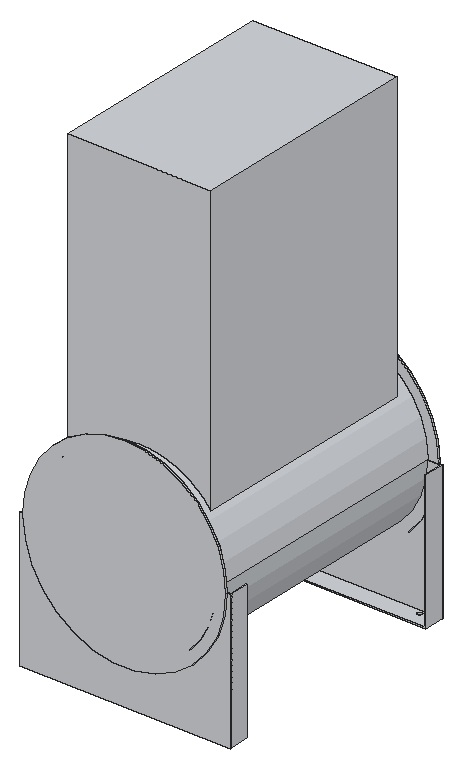
Revit family "AFB-H_Horizontal_Floor_Mount", category Mechanical Equipment, Revit 2019
Family settings
  Round Connector Dimension = Use Radius
  Part Type = Normal
  Work Plane-Based = No
  Always vertical = Yes
  Cut with Voids When Loaded = No
  Shared = No
  Room Calculation Point = No
Parameters (values of type "20_AFB-H_HOR_FLOOR")
  Unit Weight [instance] = ""
  P/2 = P / 2  # 0' - 0 9/32"
  P = 0' - 0 9/16"  # constant formula
  N = 0' - 10 1/4"
  ModelID [instance] = ""
  M/2 = M / 2  # 1' - 0 1/4"
  M = 2' - 0 1/2"
  L = 0' - 0 15/16"
  K/2 = K / 2  # 1' - 2 9/16"
  K = 2' - 5 1/8"
  J-(C/2) = J - (C / 2)  # 0' - 4 13/16"
  J = 1' - 4"
  H-(A/2) = H - (A / 2)  # 2' - 5 7/16"
  H+J = H + J  # 4' - 7 7/8"
  H = 3' - 3 7/8"
  Sones [instance] = ""
  Motor RPM [instance] = ""
  Motor Enclosure [instance] = ""
  LwA [instance] = ""
  G = 6' - 0"
  Fan RPM [instance] = ""
  F/2 = F / 2  # 0' - 0 5/32"
  F = 0' - 0 5/16"
  E/2 = E / 2  # 1' - 3 1/2"
  E-2" = E - 0' 2"  # 2' - 5"
  E = 2' - 7"
  C/2+J = C / 2 + J  # 2' - 3 3/16"
  C/2 = C / 2  # 0' - 11 3/16"
  C = 1' - 10 3/8"
  B/2 = B / 2  # 0' - 11 13/16"
  B = 1' - 11 5/8"
  Accessories [instance] = ""
  A/3 = A / 2.5  # 0' - 8.35"
  A/2 = A / 2  # 0' - 10 7/16"
  A = 1' - 8 7/8"
  60 = 60.00°  # constant formula
  30 = 30.00°  # constant formula
  3" = 0' - 3"  # constant formula
  Brake Hp [instance] = ""
  4" = 0' - 4"  # constant formula
  2' = 2' - 0"
  2" = 0' - 2"  # constant formula
  1" = 0' - 1"  # constant formula
  0 = 0' - 0"  # constant formula
  Voltage [instance] = 0 V
  URL = "www.lorencook.com"
  Type Comments = "Tube Axial Fan Horizontal Floor Mount High Temperature Construction Belt Drive Arrangement 9"  # constant formula
  Static Pressure [instance] = 0.00 in-wg
  Power [instance] = Voltage * Motor FLA * sqrt(if(Phase = 3, 3, 1))  # 0 VA
  Phase [instance] = 0
  Number of Poles [instance] = 1
  Motor Hp [instance] = "0"
  Motor FLA [instance] = 0 A
  Model = "AFB-H"  # constant formula
  Manufacturer = "Loren Cook Company"
  CFM [instance] = 0 CFM
  1.5 = 0' - 1 1/2"  # constant formula
  ONE EIGTH = 0' - 0 1/8"  # constant formula
  -E/2 = -E / 2  # -1' - 3 1/2"
  -(E-.25")/2 = -(E - 0' 0 1/4") / 2  # -1' - 3 3/8"
  (H-(A/2))/2 = (H - (A / 2)) / 2  # 1' - 2 23/32"
  (E-.25")/2 = (E - 0' 0 1/4") / 2  # 1' - 3 3/8"
  (A+.25")/2 = (A + 0' 0 1/4") / 2  # 0' - 10 9/16"
Types (10): name | N | M/2 | M | K/2 | K | J-(C/2) | J | H-(A/2) | H+J | H | F/2 | F | E/2 | E-2" | E | C/2+J | C/2 | C | B/2 | B | A/3 | A/2 | A | -E/2 | -(E-.25")/2 | (H-(A/2))/2 | (E-.25")/2 | (A+.25")/2
  (no name) | 0' - 10 1/4" | 1' - 0 1/4" | 2' - 0 1/2" | 1' - 2 9/16" | 2' - 5 1/8" | 0' - 4 13/16" | 1' - 4" | 2' - 5 7/16" | 4' - 7 7/8" | 3' - 3 7/8" | 0' - 0 5/32" | 0' - 0 5/16" | 1' - 3 1/2" | 2' - 5" | 2' - 7" | 2' - 3 3/16" | 0' - 11 3/16" | 1' - 10 3/8" | 0' - 11 13/16" | 1' - 11 5/8" | 0' - 8.35" | 0' - 10 7/16" | 1' - 8 7/8" | -1' - 3 1/2" | -1' - 3 3/8" | 1' - 2 23/32" | 1' - 3 3/8" | 0' - 10 9/16"
  12_AFB-H_HOR_FLOOR | 0' - 6" | 0' - 8" | 1' - 4" | 0' - 10 1/16" | 1' - 8 1/8" | 0' - 2 7/16" | 0' - 9 3/4" | 1' - 6 3/16" | 2' - 10 3/8" | 2' - 0 5/8" | 0' - 0 5/32" | 0' - 0 5/16" | 0' - 11" | 1' - 8" | 1' - 10" | 1' - 5 1/16" | 0' - 7 5/16" | 1' - 2 5/8" | 0' - 7 13/16" | 1' - 3 5/8" | 0' - 5.15" | 0' - 6 7/16" | 1' - 0 7/8" | -0' - 11" | -0' - 10 7/8" | 0' - 9 3/32" | 0' - 10 7/8" | 0' - 6 9/16"
  16_AFB-H_HOR_FLOOR | 0' - 8" | 0' - 10" | 1' - 8" | 0' - 11 9/16" | 1' - 11 1/8" | 0' - 2 7/16" | 0' - 11 3/4" | 1' - 9 11/16" | 3' - 5 7/8" | 2' - 6 1/8" | 0' - 0 5/32" | 0' - 0 5/16" | 1' - 0 1/2" | 1' - 11" | 2' - 1" | 1' - 9 1/16" | 0' - 9 5/16" | 1' - 6 5/8" | 0' - 9 13/16" | 1' - 7 5/8" | 0' - 6 3/4" | 0' - 8 7/16" | 1' - 4 7/8" | -1' - 0 1/2" | -1' - 0 3/8" | 0' - 10 27/32" | 1' - 0 3/8" | 0' - 8 9/16"
  18_AFB-H_HOR_FLOOR | 0' - 9" | 0' - 11" | 1' - 10" | 0' - 11 9/16" | 1' - 11 1/8" | 0' - 2 7/16" | 1' - 0 3/4" | 1' - 9 11/16" | 3' - 7 7/8" | 2' - 7 1/8" | 0' - 0 5/32" | 0' - 0 5/16" | 1' - 0 1/2" | 1' - 11" | 2' - 1" | 1' - 11 1/16" | 0' - 10 5/16" | 1' - 8 5/8" | 0' - 10 13/16" | 1' - 9 5/8" | 0' - 7.55" | 0' - 9 7/16" | 1' - 6 7/8" | -1' - 0 1/2" | -1' - 0 3/8" | 0' - 10 27/32" | 1' - 0 3/8" | 0' - 9 9/16"
  24_AFB-H_HOR_FLOOR | 1' - 0 1/4" | 1' - 2 1/4" | 2' - 4 1/2" | 1' - 2 9/16" | 2' - 5 1/8" | 0' - 2 9/16" | 1' - 4" | 2' - 3 7/16" | 4' - 7 7/8" | 3' - 3 7/8" | 0' - 0 7/32" | 0' - 0 7/16" | 1' - 3 1/2" | 2' - 5" | 2' - 7" | 2' - 5 7/16" | 1' - 1 7/16" | 2' - 2 7/8" | 1' - 2 9/16" | 2' - 5 1/8" | 0' - 9.95" | 1' - 0 7/16" | 2' - 0 7/8" | -1' - 3 1/2" | -1' - 3 3/8" | 1' - 1 23/32" | 1' - 3 3/8" | 1' - 0 9/16"
  28_AFB-H_HOR_FLOOR | 1' - 2 1/4" | 1' - 4 1/4" | 2' - 8 1/2" | 1' - 2 9/16" | 2' - 5 1/8" | 0' - 2 9/16" | 1' - 6" | 2' - 3 7/16" | 4' - 11 7/8" | 3' - 5 7/8" | 0' - 0 7/32" | 0' - 0 7/16" | 1' - 3 1/2" | 2' - 5" | 2' - 7" | 2' - 9 7/16" | 1' - 3 7/16" | 2' - 6 7/8" | 1' - 4 9/16" | 2' - 9 1/8" | 0' - 11.55" | 1' - 2 7/16" | 2' - 4 7/8" | -1' - 3 1/2" | -1' - 3 3/8" | 1' - 1 23/32" | 1' - 3 3/8" | 1' - 2 9/16"
  32_AFB-H_HOR_FLOOR | 1' - 4 5/16" | 1' - 6 5/16" | 3' - 0 5/8" | 1' - 4 1/16" | 2' - 8 1/8" | 0' - 2 5/8" | 1' - 8 1/8" | 2' - 4 3/4" | 5' - 5 3/8" | 3' - 9 1/4" | 0' - 0 7/32" | 0' - 0 7/16" | 1' - 5" | 2' - 8" | 2' - 10" | 3' - 1 5/8" | 1' - 5 1/2" | 2' - 11" | 1' - 6 5/8" | 3' - 1 1/4" | 1' - 1.2" | 1' - 4 1/2" | 2' - 9" | -1' - 5" | -1' - 4 7/8" | 1' - 2 3/8" | 1' - 4 7/8" | 1' - 4 5/8"
  36_AFB-H_HOR_FLOOR | 1' - 6 5/16" | 1' - 8 5/16" | 3' - 4 5/8" | 1' - 4 1/16" | 2' - 8 1/8" | 0' - 2 5/8" | 1' - 10 1/8" | 2' - 4 3/4" | 5' - 9 3/8" | 3' - 11 1/4" | 0' - 0 7/32" | 0' - 0 7/16" | 1' - 5" | 2' - 8" | 2' - 10" | 3' - 5 5/8" | 1' - 7 1/2" | 3' - 3" | 1' - 8 11/16" | 3' - 5 3/8" | 1' - 2.8" | 1' - 6 1/2" | 3' - 1" | -1' - 5" | -1' - 4 7/8" | 1' - 2 3/8" | 1' - 4 7/8" | 1' - 6 5/8"
  14_AFB-H_HOR_FLOOR | 0' - 6" | 0' - 9" | 1' - 6" | 0' - 10 1/16" | 1' - 8 1/8" | 0' - 2 7/16" | 0' - 10 3/4" | 1' - 6 3/16" | 3' - 0 3/8" | 2' - 1 5/8" | 0' - 0 5/32" | 0' - 0 5/16" | 0' - 11" | 1' - 8" | 1' - 10" | 1' - 7 1/16" | 0' - 8 5/16" | 1' - 4 5/8" | 0' - 8 13/16" | 1' - 5 5/8" | 0' - 5.95" | 0' - 7 7/16" | 1' - 2 7/8" | -0' - 11" | -0' - 10 7/8" | 0' - 9 3/32" | 0' - 10 7/8" | 0' - 7 9/16"
  20_AFB-H_HOR_FLOOR | 0' - 10 1/4" | 1' - 0 1/4" | 2' - 0 1/2" | 1' - 2 9/16" | 2' - 5 1/8" | 0' - 4 13/16" | 1' - 4" | 2' - 5 7/16" | 4' - 7 7/8" | 3' - 3 7/8" | 0' - 0 5/32" | 0' - 0 5/16" | 1' - 3 1/2" | 2' - 5" | 2' - 7" | 2' - 3 3/16" | 0' - 11 3/16" | 1' - 10 3/8" | 0' - 11 13/16" | 1' - 11 5/8" | 0' - 8.35" | 0' - 10 7/16" | 1' - 8 7/8" | -1' - 3 1/2" | -1' - 3 3/8" | 1' - 2 23/32" | 1' - 3 3/8" | 0' - 10 9/16"
Reference planes (in)
  plane 1 "Center (Front/Back)": y = 0
  plane 2: z = 0
  plane 3 "Center (Left/Right)": x = 0.40541
Forms (in)
  Extrusion 1, solid
    sketch origin (0, 0, 0) x (1, 0, 0) y (0, 0, 1)
      loop
        circle (0.40541, 16) r 11.8125
    from 15.5 <- "E/2" to -15.5 <- "-E/2"
  Extrusion 2, void
    sketch origin (0, 0, 0) x (1, 0, 0) y (0, 0, 1)
      loop
        circle (0.40541, 16) r 11.8125
      loop
        circle (0.40541, 16) r 10.5625
    from 15.375 <- "(E-.25")/2" to -15.375 <- "-(E-.25")/2"
  Extrusion 3, solid
    sketch origin (0, -15.375, 0) x (-1, 0, 0) y (0, 0, 1)
      loop
        line (7.94459, 22.46869) -> (7.94459, 55.875) -> (-8.75541, 55.875) -> (-8.75541, 22.46869)
        arc (-8.75541, 22.46869) -> (-0.40541, 26.5625) -> (7.94459, 22.46869) r 10.5625
    from 2 to 29 <- "E-2""
  Extrusion 4, solid
    sketch origin (0, -15.5, 0) x (1, 0, 0) y (0, 0, 1)
      loop
        line (-10.15709, 16) -> (-11.84459, 16) -> (-11.84459, 0) -> (12.65541, 0) -> (12.65541, 16) -> (10.96791, 16)
        arc (10.96791, 16) -> (0.40541, 5.4375) -> (-10.15709, 16) r 10.5625
    from -0.25 to -0.125
  Extrusion 5, solid
    sketch origin (0, 15.375, 0) x (1, 0, 0) y (0, 0, 1)
      loop
        line (-10.15709, 16) -> (-11.84459, 16) -> (-11.84459, 0) -> (12.65541, 0) -> (12.65541, 16) -> (10.96791, 16)
        arc (10.96791, 16) -> (0.40541, 5.4375) -> (-10.15709, 16) r 10.5625
    from 0 to 0.125
  Extrusion 6, solid
    sketch origin (0, 15.375, 0) x (-1, 0, 0) y (0, 0, 1)
      loop
        line (-12.65541, 16) -> (-12.65541, 0) -> (11.84459, 0) -> (11.84459, 16) -> (11.71959, 16) -> (11.71959, 0.125) -> (-12.53041, 0.125) -> (-12.53041, 16) -> (-12.65541, 16)
    from -0.125 to -2.375
  Extrusion 7, solid
    sketch origin (0, -15.375, 0) x (1, 0, 0) y (0, 0, 1)
      loop
        line (-11.84459, 16) -> (-11.84459, 0) -> (12.65541, 0) -> (12.65541, 16) -> (12.53041, 16) -> (12.53041, 0.125) -> (-11.71959, 0.125) -> (-11.71959, 16) -> (-11.84459, 16)
    from -0.125 to -2.375
  Extrusion 8, void
    sketch origin (0, 0, 0) x (1, 0, 0) y (0, 1, 0)
      loop
        circle (-9.84459, 14.5625) r 0.28125
      loop
        circle (10.65541, 14.5625) r 0.28125
      loop
        circle (10.65541, -14.5625) r 0.28125
      loop
        circle (-9.84459, -14.5625) r 0.28125
    from 0 to 0.125
Cuts and joins
  Extrusion 2 cuts Extrusion 1
  Extrusion 8 cuts Extrusion 6
  Extrusion 8 cuts Extrusion 7
Dimensions and locks (in)
  "0": Extrusion 1 sketch curve to plane 3 "Center (Left/Right)"
  "J": Extrusion 1 sketch curve to level
  "0": Extrusion 2 sketch curve to plane 3 "Center (Left/Right)"  (x2)
  "J": Extrusion 2 sketch curve to level  (x2)
  "0": Extrusion 3 sketch curve to plane 3 "Center (Left/Right)"
  "J": Extrusion 3 sketch curve to level
  "H+J": Extrusion 3 sketch curve to level
  "A/3": plane 3 "Center (Left/Right)" to Extrusion 3 sketch curve  (x2)
  "J": Extrusion 4 sketch curve to level  (x4)
  "0": Extrusion 4 sketch curve to plane 3 "Center (Left/Right)"
  "M/2": Extrusion 4 sketch curve to plane 3 "Center (Left/Right)"  (x2)
  "J": level to Extrusion 5 sketch curve
  "0": Extrusion 5 sketch curve to plane 3 "Center (Left/Right)"
  "0": Extrusion 5 sketch curve to level
  "0": Extrusion 5 sketch curve to Extrusion 4  (x3)
  "0": level to Extrusion 6 sketch curve
  "ONE EIGTH": level to Extrusion 6 sketch curve
  "ONE EIGTH": Extrusion 6 sketch curve to Extrusion 6 sketch curve  (x2)
  "0": Extrusion 6 sketch curve to Extrusion 5
  "0": Extrusion 5 to Extrusion 6 sketch curve  (x2)
  "ONE EIGTH": Extrusion 7 sketch curve to Extrusion 7 sketch curve  (x2)
  "ONE EIGTH": Extrusion 7 sketch curve to level
  "0": Extrusion 7 sketch curve to level
  "0": Extrusion 7 sketch curve to Extrusion 4  (x2)
  "0": Extrusion 4 to Extrusion 7 sketch curve
  "M/2": Extrusion 6 sketch curve to plane 3 "Center (Left/Right)"
  "K/2": plane 1 "Center (Front/Back)" to Extrusion 8 sketch curve  (x4)
  "N": Extrusion 8 sketch curve to plane 3 "Center (Left/Right)"  (x4)
  "0": Extrusion 4 sketch curve to level
  "J": Extrusion 7 sketch curve to level
  "B/2": radius of Extrusion 1 sketch curve
  "(A+.25")/2": radius of Extrusion 2 sketch curve
  "B/2": radius of Extrusion 2 sketch curve
  "(A+.25")/2": radius of Extrusion 3 sketch curve
  "(A+.25")/2": radius of Extrusion 4 sketch curve
  "(A+.25")/2": radius of Extrusion 5 sketch curve
  "P/2": radius of Extrusion 8 sketch curve  (x4)
Automatic sketch dimensions
  Extrusion 3 sketch curve to Extrusion 3 sketch curve = 0' - 0"
Connectors (in)
  electrical at (8.75541, 0.125, 39.17184)
    settings: on Extrusion 3, index 1, voltage 0 V, apparent load 0 VA, apparent load phase1 0 VA, apparent load phase2 0 VA, apparent load phase3 0 VA, power factor 1, load classification "Other", number of poles 1, system type 30, power factor state 1, is connector primary yes, connector utility no, sub classification motor no, connector description ""
  hvac at (0.40541, -15.5, 16), driven by "A/2"
    settings: on cut or joined group of Extrusion 1, Extrusion 2, index 2, duct flow 0 CFM, flow factor 0, pres drop 0.00 in-wg, loss coef 0, conn angle 0.00°, conn width 12", conn height 12", conn diameter 20 7/8", duct sys type 29, conn prof type 0, flow config 0, flow direction 2, loss method 0, conn ref index -1, conn util no, is conn primary yes, conn desc ""
  hvac at (0.40541, 15.5, 16), driven by "A/2"
    settings: on cut or joined group of Extrusion 1, Extrusion 2, index 3, duct flow 0 CFM, flow factor 0, pres drop 0.00 in-wg, loss coef 0, conn angle 0.00°, conn width 12", conn height 12", conn diameter 20 7/8", duct sys type 29, conn prof type 0, flow config 0, flow direction 1, loss method 0, conn ref index -1, conn util no, is conn primary no, conn desc ""
